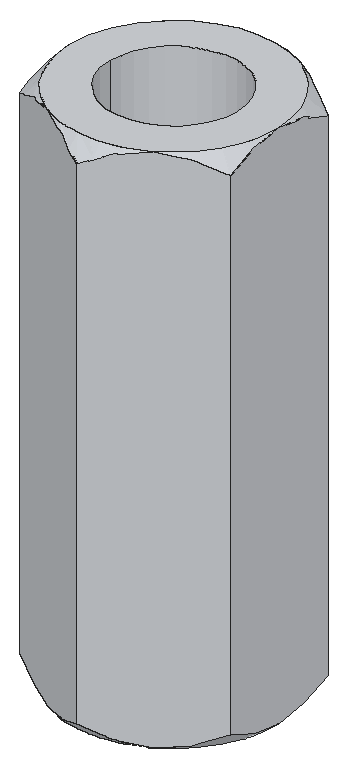
Revit family "RRHDWSRODCUPNB", category Generic Models, Revit 2018
Family settings
  Can host rebar = No
  Round Connector Dimension = Use Diameter
  Part Type = Normal
  Work Plane-Based = Yes
  Always vertical = No
  Cut with Voids When Loaded = No
  Shared = Yes
  Room Calculation Point = No
Parameters (values of type "RRHDWSRODCUP1/2NB")
  Width = 0.6900"
  Thread Radius = Thread Diameter / 2  # 0.2110"
  Thread Diameter = 0.4220"
  Ship Complete Level [instance] = ""
  Required Date [instance] = ""
  Length = 1.7500"
  Job [instance] = ""
  Hardware Material = none
  Group/Run [instance] = ""
  Description = "Rod Coupler 304 1/2-13 X 1 3/4 Inch long 11/16 Inch Hex No Bevel"
  Default Elevation = 48.0000"
  Custom [instance] = ""
  Catalog Number = "RRHDWSRODCUP1/2NB"
  Assembly Name [instance] = ""
  Assembly ID [instance] = ""
Types (2): name | Thread Radius | Thread Diameter | Length | Description | Catalog Number
  RRHDWSRODCUP1/2NB | 0.2110" | 0.4220" | 1.7500" | "Rod Coupler 304 1/2-13 X 1 3/4 Inch long 11/16 Inch Hex No Bevel" | "RRHDWSRODCUP1/2NB"
  RRHDWSRODCUP3/8NB | 0.1565" | 0.3130" | 1.1250" | "Rod Coupler 304 3/8-16  X 1 1/8 Inch long 11/16 Inch Hex No Bevel" | "RRHDWSRODCUP3/8NB"
Reference planes (in)
  plane 1 "Center (Front/Back)": y = 0
  plane 2: z = 0
  plane 3 "Center (Left/Right)": x = 0
  plane 4 "Right": x = 0.345
  plane 5 "Left": x = -0.345
  plane 6: y = -0.24
  plane 7: y = 0.24
  plane 8 "Coupler Bottom": z = -1.75
Forms (in)
  Extrusion 1, solid, material <- "Hardware Material"
    sketch origin (0, 0, -1.75) x (0, -1, 0) y (1, 0, 0)
      loop
        line (-0.19919, 0.345) -> (-0.39837, 0) -> (-0.19919, -0.345) -> (0.19919, -0.345) -> (0.39837, 0) -> (0.19919, 0.345) -> (-0.19919, 0.345)
    from 0 to 1.75
  Extrusion 2, void
    sketch origin (0, 0, 0) x (1, 0, 0) y (0, 1, 0)
      loop
        circle (0, 0) r 0.211
    from -1.75 to 0
  Sweep 3, void
    path origin (0, 0, 0) x (1, 0, 0) y (0, 1, 0)
      loop
        circle (0, 0) r 0.345
    profile origin (0, 0.345, 0) x (0, -1, 0) y (0, 0, 1)
      loop
        line (0, 0) -> (0, 0.05) -> (-0.08, 0.05) -> (-0.08, -0.08) -> (0, 0)
      loop
        line (0, -1.75) -> (-0.08, -1.67) -> (-0.08, -1.8) -> (0, -1.8) -> (0, -1.75)
Cuts and joins
  Extrusion 2, Sweep 3 cuts Extrusion 1
Lines and regions (in)
  reference lines
    curve 1: line (-0.345, 0, -0.08) -> (-0.265, 0, 0)
Dimensions and locks (in)
  "Width": plane 5 "Left" to plane 4 "Right"
  equal spacing: plane 5 "Left", plane 3 "Center (Left/Right)", plane 4 "Right"
  locked: plane 7 to plane 6 at 0.48
  "Length": level to plane 8 "Coupler Bottom"
  locked: Sweep 3 sketch curve to level at 0.05
  locked: level to Sweep 3 sketch curve at 0.08
  locked: Sweep 3 sketch curve to plane 8 "Coupler Bottom" at 0.05
  locked: plane 8 "Coupler Bottom" to Sweep 3 sketch curve at 0.08
  "Thread Radius": radius of Extrusion 2 sketch curve
  aligned and locked: plane 2 to level
  aligned and locked: Extrusion 1 sketch curve to plane 5 "Left"
  aligned and locked: plane 4 "Right" to Extrusion 1 sketch curve
  aligned and locked: level to cut or joined group of Extrusion 1, Extrusion 2, Sweep 3
  aligned and locked: plane 8 "Coupler Bottom" to cut or joined group of Extrusion 1, Extrusion 2, Sweep 3
  aligned and locked: level to Extrusion 2
Automatic sketch dimensions
  Extrusion 1 sketch curve to plane 3 "Center (Left/Right)" = 0.0000"  (x2)
  plane 7 to Extrusion 1 sketch curve = 0.15837"
  Extrusion 1 sketch curve to plane 7 = 0.04081"  (x2)
  Extrusion 1 sketch curve to plane 6 = 0.04081"  (x2)
  plane 6 to Extrusion 1 sketch curve = 0.15837"
  curve 1 to plane 5 "Left" = 0.0000"
  curve 1 to level = 0.0800"
  curve 1 to level = 0.0000"
  plane 5 "Left" to curve 1 = 0.0800"
  plane 1 "Center (Front/Back)" to Sweep 3 sketch curve = 0.0000"
  Sweep 3 sketch curve to plane 3 "Center (Left/Right)" = 0.0000"
  Sweep 3 sketch curve to profile plane = 0.0000"  (x2)
  Sweep 3 sketch curve to level = 0.0000"
  profile plane to Sweep 3 sketch curve = 0.0800"  (x2)
  Sweep 3 sketch curve to Sweep 3 sketch curve = 0.0500"
  plane 1 "Center (Front/Back)" to Extrusion 2 sketch curve = 0.0000"
  Extrusion 2 sketch curve to plane 3 "Center (Left/Right)" = 0.0000"
  radius of Sweep 3 sketch curve = 0.3450"
